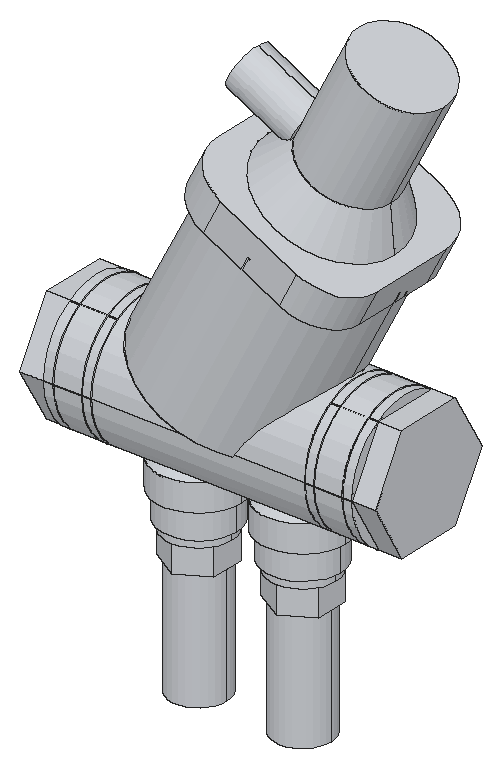
Revit family "PV_Compact_DN015_ 20-60_FF_měř_RFA_2019", category Pipe Accessories, Revit 2019
Family settings
  Round Connector Dimension = Use Diameter
  Part Type = Valve - Breaks Into
  Work Plane-Based = No
  Always vertical = Yes
  Cut with Voids When Loaded = No
  Shared = No
Parameters (values of type "PV Compact DN15 FF s měřením ( 20-60kPa)")
  magiProductId = "92c6061b2d364c498536f200ceae3f"
  magiProductFamilyId = "17221e4467384e4990f0bd3f9c07cb"
  magiPartTypeId = 304
  isMeasuringValve [instance] = no
  ang2D [instance] = 0.00°
  Z7 = 15 mm
  Z6 = 24.6 mm
  Z5 = 57.4 mm
  Z4 = 49.2 mm
  Z3 = 8.2 mm
  Z2 = 41 mm
  XR3 = 30 mm
  XR2 = 25 mm
  XR1 = 13 mm
  W2D = 15 mm
  VersionID = "2.0/2018.12.13.2/FRESE_PV_COMPACT_PLUG_Q13_001"
  Use Minimum Symbol Size [instance] = no
  URL = "www.hydronic.cz"
  Type Comments = "závitový s vnitřním závitem; dvěma měřicími vsuvkami; PN25; dpmax=450kPa; -10~+120°C;"
  R5 = 5 mm
  R4 = 15 mm
  R3 = 10 mm
  R2 = 14 mm
  R1 = 19 mm
  QmdConnectorList = "301;D;302;D"
  Productdata [instance] = ""
  PH__ve = -PH  # -22.4 mm
  PH = 22.4 mm
  NL__ve = -NL  # -15 mm
  NL = 15 mm
  Manufacturer = "Hydronic Systems Prague s.r.o."
  MC Use Limits From Balancing Method = no
  MC Throttling Minimum Value = 0
  MC Throttling Maximum Value = 0
  MC Product Code = "53-3205 DN15; FF; nastavitelný rozsah dp=20~60kPa; Q=100~1000l/h;  kvs=2,9"
  MC Pressure Drop Minimum Value = 0.0 Pa
  MC Pressure Drop Maximum Value = 0.0 Pa
  MC Piping Given Pressure Drop [instance] = 0.0 Pa
  M5 = 32.5 mm
  M4 = 30.5 mm
  M3 = 24.5 mm
  M2 = 22.5 mm
  LP = 37.5 mm
  LM = 45 mm
  LL__ve = -LL  # -5.7 mm
  LLT__ve = -LLT  # -14.9 mm
  LLT = 14.9 mm
  LL2 = 32 mm
  LL = 5.7 mm
  L3 = 11 mm
  L2D_Min = 30.48 mm
  L2D = 65 mm
  Description = "Nastavitelný regulátor tlakové diference"
  DR1 = no
  DR0 = yes
  DL2 = 66 mm
  D = 15 mm
  CenSd_R2_6 = R2 * cos(30.00°)  # 12.124 mm
  CAT0 = yes
  C0D1 = no
  C0D0 = yes
Types (10, lengths in mm): name | magiProductId | Z6 | Z5 | Z4 | Z3 | Z2 | XR3 | XR2 | XR1 | R2 | R1 | PH__ve | PH | NL__ve | NL | MC Product Code | M5 | M4 | M3 | M2 | LP | LM | LL__ve | LLT__ve | LLT | LL2 | LL | L3 | D | CenSd_R2_6
  PV Compact DN15 FF s měřením ( 20-60kPa) | "92c6061b2d364c498536f200ceae3f" | 24.6 | 57.4 | 49.2 | 8.2 | 41 | 30 | 25 | 13 | 14 | 19 | -22.4 | 22.4 | -15 | 15 | "53-3205 DN15; FF; nastavitelný rozsah dp=20~60kPa; Q=100~1000l/h;  kvs=2,9" | 32.5 | 30.5 | 24.5 | 22.5 | 37.5 | 45 | -5.7 | -14.9 | 14.9 | 32 | 5.7 | 11 | 15 | 12.124
  PV Compact DN15 FF s měřením (  5-30kPa) | "f361d342a5c3496a8b127ae77303d4" | 24.6 | 57.4 | 49.2 | 8.2 | 41 | 30 | 25 | 13 | 14 | 19 | -22.4 | 22.4 | -15 | 15 | "53-3204 DN15; FF; nastavitelný rozsah dp=5~30kPa; Q=50~600l/h;  kvs=2,9" | 32.5 | 30.5 | 24.5 | 22.5 | 37.5 | 45 | -5.7 | -14.9 | 14.9 | 32 | 5.7 | 11 | 15 | 12.124
  PV Compact DN20 FF s měřením ( 20-60kPa) | "9f7cac6a20a942348ba3edadb25c10" | 24.6 | 57.4 | 49.2 | 8.2 | 41 | 30 | 25 | 13 | 14 | 19 | -22.4 | 22.4 | -15.8 | 15.8 | "53-3207 DN20; FF; nastavitelný rozsah dp=20~60kPa; Q=150~2000l/h;  kvs=3,5" | 33.7 | 31.7 | 25.7 | 23.7 | 39.5 | 47.4 | -5.7 | -14.9 | 14.9 | 32 | 5.7 | 11 | 20 | 12.124
  PV Compact DN20 FF s měřením (  5-30kPa) | "db23a1b537c14a0d8d3ef5b88ba9f3" | 24.6 | 57.4 | 49.2 | 8.2 | 41 | 30 | 25 | 13 | 14 | 19 | -22.4 | 22.4 | -15.8 | 15.8 | "53-3206 DN20; FF; nastavitelný rozsah dp=5~30kPa; Q=100~1000l/h;  kvs=3,5" | 33.7 | 31.7 | 25.7 | 23.7 | 39.5 | 47.4 | -5.7 | -14.9 | 14.9 | 32 | 5.7 | 11 | 20 | 12.124
  PV Compact DN25 FF s měřením (  5-30kPa) | "df9f1d59aa4a4bbbaec25e168ba07d" | 25.5 | 59.5 | 51 | 8.5 | 42.5 | 30 | 25 | 13 | 14 | 19 | -20.8 | 20.8 | -16.6 | 16.6 | "53-3208 DN25; FF; nastavitelný rozsah dp=5~30kPa; Q=600~2100l/h;  kvs=4,0" | 34.9 | 32.9 | 26.9 | 24.9 | 41.5 | 49.8 | -5.9 | -16.3 | 16.3 | 34 | 5.9 | 11 | 25 | 12.124
  PV Compact DN25L FF s měřením ( 20-80kPa) | "87b7cca8bace4074a54840dfb5d8dc" | 40.2 | 93.8 | 80.4 | 13.4 | 67 | 42.5 | 37.5 | 25.5 | 26.5 | 31.5 | -17.6 | 17.6 | -20 | 20 | "53-3211 DN25L; FF; nastavitelný rozsah dp=20~80kPa; Q=750~4200l/h;  kvs=8,7" | 40 | 38 | 32 | 30 | 50 | 60 | -6.3 | -19.1 | 19.1 | 38 | 6.3 | 11 | 25 | 22.95
  PV Compact DN25L FF s měřením (  5-30kPa) | "5f34f6c18cbb44599cc4b76a533b7b" | 40.2 | 93.8 | 80.4 | 13.4 | 67 | 42.5 | 37.5 | 25.5 | 26.5 | 31.5 | -17.6 | 17.6 | -20 | 20 | "53-3210 DN25L; FF; nastavitelný rozsah dp=5~30kPa; Q=600~2500l/h;  kvs=8,7" | 40 | 38 | 32 | 30 | 50 | 60 | -6.3 | -19.1 | 19.1 | 38 | 6.3 | 11 | 25 | 22.95
  PV Compact DN32 FF s měřením ( 20-80kPa) | "4a8a1c2c3ced401aa76adec660b182" | 40.2 | 93.8 | 80.4 | 13.4 | 67 | 42.5 | 37.5 | 25.5 | 26.5 | 31.5 | -13.6 | 13.6 | -20.8 | 20.8 | "53-3214 DN32; FF; nastavitelný rozsah dp=20~80kPa; Q=1000~5000l/h;  kvs=10,1" | 41.2 | 39.2 | 33.2 | 31.2 | 52 | 62.4 | -6.8 | -22.6 | 22.6 | 43 | 6.8 | 25 | 32 | 22.95
  PV Compact DN40 FF s měřením ( 20-80kPa) | "8dd334465d8f48dd802c3dab6bec5b" | 46.8 | 109.2 | 93.6 | 15.6 | 78 | 42.5 | 37.5 | 25.5 | 26.5 | 31.5 | -11.2 | 11.2 | -27.6 | 27.6 | "53-3216 DN40; FF; nastavitelný rozsah dp=20~80kPa; Q=3000~8000l/h;  kvs=15,8" | 51.4 | 49.4 | 43.4 | 41.4 | 69 | 82.8 | -7.1 | -24.7 | 24.7 | 46 | 7.1 | 25 | 40 | 22.95
  PV Compact DN50 FF s měřením ( 20-80kPa) | "de24153ded7e41748f92358b184bd6" | 46.8 | 109.2 | 93.6 | 15.6 | 78 | 42.5 | 37.5 | 25.5 | 35.25 | 31.5 | -6.4 | 6.4 | -27.6 | 27.6 | "53-3218 DN50; FF; nastavitelný rozsah dp=20~80kPa; Q=5000~11500l/h;  kvs=16,2" | 51.4 | 49.4 | 43.4 | 41.4 | 69 | 82.8 | -7.7 | -28.9 | 28.9 | 52 | 7.7 | 25 | 50 | 30.527
Reference planes
  plane 1 "Center (Front/Back)": y = 0
  plane 2 "XYPLANE": z = 0
  plane 3 "Center (Left/Right)": x = 0
  plane 4 "408": x = 37.5
  plane 5 "407": x = -37.5
  plane 6 "402": z = -66
  plane 7 "213": x = 11
  plane 8 "168": z = -10.9
  plane 9 "167": z = -12.9
  plane 10 "166": z = -18.6
  plane 11 "165": z = -24.3
  plane 12 "164": z = -26.3
  plane 13 "154": z = 0
  plane 14 "152": y = 0
  plane 15 "151": z = -32
  plane 16 "150": x = -11
  plane 17 "75": through (318.218, 0, 679.605) normal (0.891, 0, -0.454)
  plane 18 "74": x = 32.5
  plane 19 "73": x = 30.5
  plane 20 "72": x = 24.5
  plane 21 "71": x = 22.5
  plane 22 "70": x = -32.5
  plane 23 "69": x = -30.5
  plane 24 "68": x = -24.5
  plane 25 "67": y = 0
  plane 26 "66": through (-666.893, 0, 343.166) normal (0.454, 0, 0.891)
  plane 27 "65": x = -22.5
  plane 28 "64": through (335.147, 0, 670.979) normal (0.891, 0, -0.454)
  plane 29 "63": through (-649.641, 0, 377.024) normal (0.454, 0, 0.891)
  plane 30 "62": through (352.076, 0, 662.353) normal (0.891, 0, -0.454)
  plane 31 "61": y = 19
  plane 32 "60": y = -19
  plane 33 "59": through (-645.919, 0, 384.33) normal (0.454, 0, 0.891)
  plane 34 "58": through (-642.196, 0, 391.637) normal (0.454, 0, 0.891)
  plane 35 "57": through (313.763, 0, 681.875) normal (0.891, 0, -0.454)
  plane 36 "56": x = 0
  plane 37 "55": through (-668.255, 0, 340.493) normal (0.454, 0, 0.891)
  plane 38 "102XY": through (-668.255, 0, 340.493) normal (0.454, 0, 0.891)
  plane 39 "102XZ": y = 0
  plane 40 "102YZ": through (340.493, 0, 668.255) normal (0.891, 0, -0.454)
Forms (mm)
  Extrusion 1, solid
    sketch origin (37.5, -750, 0) x (0, 1, 0) y (0, 0, 1)
      loop
        line (764, 0) -> (757, 12.124) -> (743, 12.124) -> (736, 0) -> (743, -12.124) -> (757, -12.124) -> (764, 0)
    from 0 to -15 <- "NL__ve"
  Extrusion 2, solid
    sketch origin (-37.5, -750, 0) x (0, 1, 0) y (0, 0, 1)
      loop
        line (736, 0) -> (743, -12.124) -> (757, -12.124) -> (764, 0) -> (757, 12.124) -> (743, 12.124) -> (736, 0)
    from 0 to 15 <- "NL"
  Extrusion 3, solid, visible <- "C0D1"
    sketch origin (-750, 0, -66) x (1, 0, 0) y (0, 1, 0)
      loop
        circle (761, 0) r 10
    from 0 to 50
  Extrusion 4, solid, visible <- "DR1"
    sketch origin (-750, 0, -18.6) x (1, 0, 0) y (0, 1, 0)
      loop
        line (761, -12) -> (771.392, -6) -> (771.392, 6) -> (761, 12) -> (750.608, 6) -> (750.608, -6) -> (761, -12)
    from 0 to -22.4 <- "PH__ve"
  Extrusion 5, solid, visible <- "DR1"
    sketch origin (-750, 0, -18.6) x (1, 0, 0) y (0, 1, 0)
      loop
        circle (761, 0) r 10
    from 0 to 5.7 <- "LL"
  Blend 6, solid, visible <- "DR1"
    base sketch origin (-750, 0, -10.9) x (1, 0, 0) y (0, 1, 0)
      loop
        circle (761, 0) r 7.5
    top sketch origin (-750, 0, -10.9) x (1, 0, 0) y (0, 1, 0)
      loop
        circle (761, 0) r 10
    from 0 to -2
  Extrusion 7, solid, visible <- "DR1"
    sketch origin (-750, 0, 0) x (1, 0, 0) y (0, 1, 0)
      loop
        circle (761, 0) r 7.5
    from 0 to -14.9 <- "LLT__ve"
  Extrusion 8, solid, visible <- "C0D0"
    sketch origin (-750, 0, -32) x (1, 0, 0) y (0, 1, 0)
      loop
        circle (761, 0) r 6
    from 0 to -25
  Extrusion 9, solid, visible <- "DR0"
    sketch origin (-750, 0, -26.3) x (1, 0, 0) y (0, 1, 0)
      loop
        line (761, -7) -> (767.062, -3.5) -> (767.062, 3.5) -> (761, 7) -> (754.938, 3.5) -> (754.938, -3.5) -> (761, -7)
    from 0 to -5.7 <- "LL__ve"
  Extrusion 10, solid, visible <- "DR0"
    sketch origin (-750, 0, -26.3) x (1, 0, 0) y (0, 1, 0)
      loop
        circle (761, 0) r 7
    from 0 to 2
  Extrusion 11, solid, visible <- "DR0"
    sketch origin (-750, 0, -18.6) x (1, 0, 0) y (0, 1, 0)
      loop
        circle (761, 0) r 9
    from 0 to 5.7 <- "LL"
  Blend 12, solid, visible <- "DR0"
    base sketch origin (-750, 0, -10.9) x (1, 0, 0) y (0, 1, 0)
      loop
        circle (761, 0) r 6.5
    top sketch origin (-750, 0, -10.9) x (1, 0, 0) y (0, 1, 0)
      loop
        circle (761, 0) r 9
    from 0 to -2
  Extrusion 13, solid, visible <- "DR0"
    sketch origin (-750, 0, 0) x (1, 0, 0) y (0, 1, 0)
      loop
        circle (761, 0) r 6.5
    from 0 to -14.9 <- "LLT__ve"
  Extrusion 14, solid, visible <- "DR0"
    sketch origin (-750, 0, 0) x (1, 0, 0) y (0, 1, 0)
      loop
        circle (761, 0) r 6.5
    from 0 to -14.9 <- "LLT__ve"
  Blend 15, solid, visible <- "DR0"
    base sketch origin (-750, 0, -10.9) x (1, 0, 0) y (0, 1, 0)
      loop
        circle (761, 0) r 6.5
    top sketch origin (-750, 0, -10.9) x (1, 0, 0) y (0, 1, 0)
      loop
        circle (761, 0) r 9
    from 0 to -2
  Extrusion 16, solid, visible <- "DR0"
    sketch origin (-750, 0, -18.6) x (1, 0, 0) y (0, 1, 0)
      loop
        circle (761, 0) r 9
    from 0 to 5.7 <- "LL"
  Extrusion 17, solid, visible <- "DR0"
    sketch origin (-750, 0, -24.3) x (1, 0, 0) y (0, 1, 0)
      loop
        circle (761, 0) r 8
    from 0 to 5.7 <- "LL"
  Extrusion 18, solid, visible <- "DR0"
    sketch origin (-750, 0, -26.3) x (1, 0, 0) y (0, 1, 0)
      loop
        circle (761, 0) r 7
    from 0 to 2
  Extrusion 19, solid, visible <- "DR0"
    sketch origin (-750, 0, -26.3) x (1, 0, 0) y (0, 1, 0)
      loop
        line (761, -7) -> (767.062, -3.5) -> (767.062, 3.5) -> (761, 7) -> (754.938, 3.5) -> (754.938, -3.5) -> (761, -7)
    from 0 to -5.7 <- "LL__ve"
  Extrusion 20, solid, visible <- "C0D0"
    sketch origin (-750, 0, -32) x (1, 0, 0) y (0, 1, 0)
      loop
        circle (761, 0) r 6
    from 0 to -25
  Extrusion 21, solid, visible <- "CAT0"
    sketch origin (-750, 0, -32) x (1, 0, 0) y (0, 1, 0)
      loop
        circle (739, 0) r 6
    from 0 to -25
  Extrusion 22, solid
    sketch origin (-750, 0, -26.3) x (1, 0, 0) y (0, 1, 0)
      loop
        line (739, -7) -> (745.062, -3.5) -> (745.062, 3.5) -> (739, 7) -> (732.938, 3.5) -> (732.938, -3.5) -> (739, -7)
    from 0 to -5.7 <- "LL__ve"
  Extrusion 23, solid
    sketch origin (-750, 0, -26.3) x (1, 0, 0) y (0, 1, 0)
      loop
        circle (739, 0) r 7
    from 0 to 2
  Extrusion 24, solid
    sketch origin (-750, 0, -24.3) x (1, 0, 0) y (0, 1, 0)
      loop
        circle (739, 0) r 8
    from 0 to 5.7 <- "LL"
  Extrusion 25, solid
    sketch origin (-750, 0, -18.6) x (1, 0, 0) y (0, 1, 0)
      loop
        circle (739, 0) r 9
    from 0 to 5.7 <- "LL"
  Blend 26, solid
    base sketch origin (-750, 0, -10.9) x (1, 0, 0) y (0, 1, 0)
      loop
        circle (739, 0) r 6.5
    top sketch origin (-750, 0, -10.9) x (1, 0, 0) y (0, 1, 0)
      loop
        circle (739, 0) r 9
    from 0 to -2
  Extrusion 27, solid
    sketch origin (-750, 0, 0) x (1, 0, 0) y (0, 1, 0)
      loop
        circle (739, 0) r 6.5
    from 0 to -14.9 <- "LLT__ve"
  Blend 28, solid, visible <- "CAT0"
    base sketch origin (30.5, -750, 0) x (0, 1, 0) y (0, 0, 1)
      loop
        circle (750, 0) r 14
    top sketch origin (30.5, -750, 0) x (0, 1, 0) y (0, 0, 1)
      loop
        circle (750, 0) r 14
    from 0 to 2
  Extrusion 29, solid, visible <- "CAT0"
    sketch origin (24.5, -750, 0) x (0, 1, 0) y (0, 0, 1)
      loop
        circle (750, 0) r 14
    from 0 to 6
  Blend 30, solid, visible <- "CAT0"
    base sketch origin (22.5, -750, 0) x (0, 1, 0) y (0, 0, 1)
      loop
        circle (750, 0) r 14
    top sketch origin (22.5, -750, 0) x (0, 1, 0) y (0, 0, 1)
      loop
        circle (750, 0) r 14
    from 0 to 2
  Blend 31, solid, visible <- "CAT0"
    base sketch origin (-30.5, -750, 0) x (0, 1, 0) y (0, 0, 1)
      loop
        circle (750, 0) r 14
    top sketch origin (-30.5, -750, 0) x (0, 1, 0) y (0, 0, 1)
      loop
        circle (750, 0) r 14
    from 0 to -2
  Extrusion 32, solid, visible <- "CAT0"
    sketch origin (-30.5, -750, 0) x (0, 1, 0) y (0, 0, 1)
      loop
        circle (750, 0) r 14
    from 0 to 6
  Blend 33, solid, visible <- "CAT0"
    base sketch origin (-24.5, -750, 0) x (0, 1, 0) y (0, 0, 1)
      loop
        circle (750, 0) r 14
    top sketch origin (-24.5, -750, 0) x (0, 1, 0) y (0, 0, 1)
      loop
        circle (750, 0) r 14
    from 0 to 2
  Extrusion 34, solid, visible <- "CAT0"
    sketch origin (-22.5, -750, 0) x (0, 1, 0) y (0, 0, 1)
      loop
        circle (750, 0) r 14
    from 0 to 45 <- "LM"
  Extrusion 35, solid, visible <- "CAT0"
    sketch origin (-666.893, 0, 343.166) x (0.891007, 0, -0.45399) y (0, 1, 0)
      loop
        circle (744, 0) r 19
    from 0 to 41 <- "Z2"
  Extrusion 36, solid, visible <- "CAT0"
    sketch origin (-649.641, 0, 377.024) x (0.891007, 0, -0.45399) y (0, 1, 0)
      loop
        arc (735, 19) -> (727.929, 16.071) -> (725, 9) r 10
        line (725, 9) -> (725, -9)
        arc (725, -9) -> (727.929, -16.071) -> (735, -19) r 10
        line (735, -19) -> (753, -19)
        arc (753, -19) -> (760.071, -16.071) -> (763, -9) r 10
        line (763, -9) -> (763, 9)
        arc (763, 9) -> (760.071, 16.071) -> (753, 19) r 10
        line (753, 19) -> (735, 19)
    from 0 to 8.2 <- "Z3"
  Blend 37, solid, visible <- "CAT0"
    base sketch origin (-645.919, 0, 384.33) x (0.891007, 0, -0.45399) y (0, 1, 0)
      loop
        circle (744, 0) r 15
    top sketch origin (-645.919, 0, 384.33) x (0.891007, 0, -0.45399) y (0, 1, 0)
      loop
        circle (744, 0) r 10
    from 0 to 8.2
  Extrusion 38, solid, visible <- "CAT0"
    sketch origin (-642.196, 0, 391.637) x (0.891007, 0, -0.45399) y (0, 1, 0)
      loop
        circle (744, 0) r 10
    from 0 to 24.6 <- "Z6"
  Extrusion 39, solid, visible <- "CAT0"
    sketch origin (313.763, 0, 681.875) x (-0.45399, 0, -0.891007) y (0, 1, 0)
      loop
        circle (692.6, 0) r 5
    from 0 to 15 <- "Z7"
  Blend 40, solid, visible <- "CAT0"
    base sketch origin (-668.255, 0, 340.493) x (0.891007, 0, -0.45399) y (0, 1, 0)
      loop
        circle (744, 0) r 15
    top sketch origin (-668.255, 0, 340.493) x (0.891007, 0, -0.45399) y (0, 1, 0)
      loop
        circle (744, 0) r 19
    from 0 to 3
  Extrusion 41, solid, not visible
    sketch origin (-32.5, -750, 0) x (0, 1, 0) y (0, 0, 1)
      loop
        circle (750, 0) r 10
    from 0 to 10
  Extrusion 42, solid, not visible
    sketch origin (32.5, -750, 0) x (0, 1, 0) y (0, 0, 1)
      loop
        circle (750, 0) r 10
    from 0 to -10
Lines and regions (mm)
  reference lines, not visible
    curve 1: circle (2, 2, 0) r 1 normal (0, 0, 1)
  reference lines
    curve 2: line (37.5, 0, 0) -> (37.5, -3.5, 6.062)
    curve 3: line (37.5, 0, 0) -> (37.5, -7, 0)
    curve 4: line (37.5, 0, 0) -> (37.5, -3.5, -6.062)
    curve 5: line (-37.5, 0, 0) -> (-37.5, 3.5, 6.062)
    curve 6: line (-37.5, 0, 0) -> (-37.5, 7, 0)
    curve 7: line (-37.5, 0, 0) -> (-37.5, 3.5, -6.062)
Dimensions and locks
  plane 1 "Center (Front/Back)" to curve 1 = 2 mm
  "LP": plane 36 "56" to plane 4 "408"
  "LP": plane 36 "56" to plane 5 "407"
  "DL2": plane 2 "XYPLANE" to plane 6 "402"
  "L3": plane 3 "Center (Left/Right)" to plane 7 "213"
  locked: plane 9 "167" to plane 8 "168" at 2
  "LL": plane 10 "166" to plane 9 "167"
  "LL": plane 11 "165" to plane 10 "166"
  locked: plane 12 "164" to plane 11 "165" at 2
  "LL": plane 15 "151" to plane 12 "164"
  locked: plane 2 "XYPLANE" to plane 13 "154"
  locked: plane 1 "Center (Front/Back)" to plane 14 "152"
  "LL2": plane 2 "XYPLANE" to plane 15 "151"
  "L3": plane 3 "Center (Left/Right)" to plane 16 "150"
  "XR2": plane 40 "102YZ" to plane 17 "75"
  "M5": plane 3 "Center (Left/Right)" to plane 18 "74"
  "M4": plane 3 "Center (Left/Right)" to plane 19 "73"
  "M3": plane 3 "Center (Left/Right)" to plane 20 "72"
  "M2": plane 3 "Center (Left/Right)" to plane 21 "71"
  "M5": plane 3 "Center (Left/Right)" to plane 22 "70"
  "M4": plane 3 "Center (Left/Right)" to plane 23 "69"
  "M3": plane 3 "Center (Left/Right)" to plane 24 "68"
  locked: plane 14 "152" to plane 25 "67"
  locked: plane 38 "102XY" to plane 26 "66" at 3
  "M2": plane 3 "Center (Left/Right)" to plane 27 "65"
  locked: plane 40 "102YZ" to plane 28 "64" at 6
  "Z2": plane 38 "102XY" to plane 29 "63"
  "XR1": plane 40 "102YZ" to plane 30 "62"
  "R1": plane 14 "152" to plane 31 "61"
  "R1": plane 14 "152" to plane 32 "60"
  "Z4": plane 38 "102XY" to plane 33 "59"
  "Z5": plane 38 "102XY" to plane 34 "58"
  "XR3": plane 40 "102YZ" to plane 35 "57"
  locked: plane 3 "Center (Left/Right)" to plane 36 "56"
  locked: plane 38 "102XY" to plane 37 "55"
  "CenSd_R2_6": curve 2 to Extrusion 1 sketch curve  (x2)
  "CenSd_R2_6": curve 3 to Extrusion 1 sketch curve  (x2)
  "CenSd_R2_6": curve 4 to Extrusion 1 sketch curve  (x2)
  Extrusion 1 sketch curve to Extrusion 1 sketch curve = 0 mm  (x12)
  "CenSd_R2_6": curve 5 to Extrusion 2 sketch curve  (x2)
  "CenSd_R2_6": curve 6 to Extrusion 2 sketch curve  (x2)
  "CenSd_R2_6": curve 7 to Extrusion 2 sketch curve  (x2)
  Extrusion 2 sketch curve to Extrusion 2 sketch curve = 0 mm  (x12)
  Extrusion 4 sketch curve to Extrusion 4 sketch curve = 0 mm  (x12)
  Extrusion 9 sketch curve to Extrusion 9 sketch curve = 0 mm  (x12)
  Extrusion 19 sketch curve to Extrusion 19 sketch curve = 0 mm  (x12)
  Extrusion 22 sketch curve to Extrusion 22 sketch curve = 0 mm  (x12)
  Extrusion 36 sketch curve to Extrusion 36 sketch curve = 0 mm  (x16)
  "R2": radius of Blend 28 sketch curve  (x2)
  "R2": radius of Extrusion 29 sketch curve
  "R2": radius of Blend 30 sketch curve  (x2)
  "R2": radius of Blend 31 sketch curve  (x2)
  "R2": radius of Extrusion 32 sketch curve
  "R2": radius of Blend 33 sketch curve  (x2)
  "R2": radius of Extrusion 34 sketch curve
  "R1": radius of Extrusion 35 sketch curve
  radius of Extrusion 36 sketch curve = 10 mm  (x4)
  "R3": radius of Blend 37 sketch curve
  "R4": radius of Blend 37 sketch curve
  "R3": radius of Extrusion 38 sketch curve
  "R5": radius of Extrusion 39 sketch curve
  "R1": radius of Blend 40 sketch curve
  locked: curve 3 to curve 2 (angle 60.00°)
  locked: curve 4 to curve 3 (angle 60.00°)
  locked: curve 4 to curve 2 (angle 120.00°)
  locked: curve 6 to curve 5 (angle 60.00°)
  locked: curve 7 to curve 6 (angle 60.00°)
  locked: curve 7 to curve 5 (angle 120.00°)
  aligned and locked: level to plane 2 "XYPLANE"
  aligned and locked: plane 13 "154" to curve 4
  aligned and locked: curve 4 to plane 14 "152"
  aligned and locked: plane 13 "154" to curve 7
  aligned and locked: curve 7 to plane 14 "152"
  aligned and locked: plane 7 "213" to Extrusion 3 sketch curve
  aligned and locked: plane 14 "152" to Extrusion 3 sketch curve
  aligned and locked: plane 7 "213" to Extrusion 5 sketch curve
  aligned and locked: plane 14 "152" to Extrusion 5 sketch curve
  aligned and locked: plane 7 "213" to Blend 6 sketch curve  (x2)
  aligned and locked: plane 14 "152" to Blend 6 sketch curve  (x2)
  aligned and locked: Blend 6 to plane 9 "167"
  aligned and locked: plane 7 "213" to Extrusion 7 sketch curve
  aligned and locked: plane 14 "152" to Extrusion 7 sketch curve
  aligned and locked: plane 7 "213" to Extrusion 8 sketch curve
  aligned and locked: plane 14 "152" to Extrusion 8 sketch curve
  aligned and locked: plane 7 "213" to Extrusion 10 sketch curve
  aligned and locked: plane 14 "152" to Extrusion 10 sketch curve
  aligned and locked: plane 7 "213" to Extrusion 11 sketch curve
  aligned and locked: plane 14 "152" to Extrusion 11 sketch curve
  aligned and locked: plane 7 "213" to Blend 12 sketch curve  (x2)
  aligned and locked: plane 14 "152" to Blend 12 sketch curve  (x2)
  aligned and locked: Blend 12 to plane 9 "167"
  aligned and locked: plane 7 "213" to Extrusion 13 sketch curve
  aligned and locked: plane 14 "152" to Extrusion 13 sketch curve
  aligned and locked: plane 7 "213" to Extrusion 14 sketch curve
  aligned and locked: plane 14 "152" to Extrusion 14 sketch curve
  aligned and locked: plane 7 "213" to Blend 15 sketch curve  (x2)
  aligned and locked: plane 14 "152" to Blend 15 sketch curve  (x2)
  aligned and locked: Blend 15 to plane 9 "167"
  aligned and locked: plane 7 "213" to Extrusion 16 sketch curve
  aligned and locked: plane 14 "152" to Extrusion 16 sketch curve
  aligned and locked: plane 7 "213" to Extrusion 17 sketch curve
  aligned and locked: plane 14 "152" to Extrusion 17 sketch curve
  aligned and locked: plane 7 "213" to Extrusion 18 sketch curve
  aligned and locked: plane 14 "152" to Extrusion 18 sketch curve
  aligned and locked: plane 7 "213" to Extrusion 20 sketch curve
  aligned and locked: plane 14 "152" to Extrusion 20 sketch curve
  aligned and locked: plane 14 "152" to Extrusion 21 sketch curve
  aligned and locked: plane 16 "150" to Extrusion 21 sketch curve
  aligned and locked: plane 14 "152" to Extrusion 23 sketch curve
  aligned and locked: plane 16 "150" to Extrusion 23 sketch curve
  aligned and locked: plane 14 "152" to Extrusion 24 sketch curve
  aligned and locked: plane 16 "150" to Extrusion 24 sketch curve
  aligned and locked: plane 14 "152" to Extrusion 25 sketch curve
  aligned and locked: plane 16 "150" to Extrusion 25 sketch curve
  aligned and locked: plane 14 "152" to Blend 26 sketch curve  (x2)
  aligned and locked: plane 16 "150" to Blend 26 sketch curve  (x2)
  aligned and locked: Blend 26 to plane 9 "167"
  aligned and locked: plane 14 "152" to Extrusion 27 sketch curve
  aligned and locked: plane 16 "150" to Extrusion 27 sketch curve
  aligned and locked: plane 13 "154" to Blend 28 sketch curve  (x2)
  aligned and locked: Blend 28 sketch curve to plane 14 "152"  (x2)
  aligned and locked: plane 18 "74" to Blend 28
  aligned and locked: plane 13 "154" to Extrusion 29 sketch curve
  aligned and locked: Extrusion 29 sketch curve to plane 14 "152"
  aligned and locked: plane 13 "154" to Blend 30 sketch curve  (x2)
  aligned and locked: Blend 30 sketch curve to plane 14 "152"  (x2)
  aligned and locked: plane 20 "72" to Blend 30
  aligned and locked: plane 13 "154" to Blend 31 sketch curve  (x2)
  aligned and locked: Blend 31 sketch curve to plane 14 "152"  (x2)
  aligned and locked: Blend 31 to plane 22 "70"
  aligned and locked: plane 13 "154" to Extrusion 32 sketch curve
  aligned and locked: Extrusion 32 sketch curve to plane 14 "152"
  aligned and locked: plane 13 "154" to Blend 33 sketch curve  (x2)
  aligned and locked: Blend 33 sketch curve to plane 14 "152"  (x2)
  aligned and locked: plane 27 "65" to Blend 33
  aligned and locked: plane 13 "154" to Extrusion 34 sketch curve
  aligned and locked: Extrusion 34 sketch curve to plane 14 "152"
  aligned and locked: plane 25 "67" to Extrusion 35 sketch curve
  aligned and locked: Extrusion 35 sketch curve to plane 28 "64"
  aligned and locked: Extrusion 36 sketch curve to plane 17 "75"
  aligned and locked: Extrusion 36 sketch curve to plane 32 "60"
  aligned and locked: Extrusion 36 sketch curve to plane 30 "62"
  aligned and locked: plane 31 "61" to Extrusion 36 sketch curve
  aligned and locked: plane 25 "67" to Blend 37 sketch curve  (x2)
  aligned and locked: Blend 37 sketch curve to plane 28 "64"  (x2)
  aligned and locked: plane 34 "58" to Blend 37
  aligned and locked: plane 25 "67" to Extrusion 38 sketch curve
  aligned and locked: Extrusion 38 sketch curve to plane 28 "64"
  aligned and locked: plane 25 "67" to Extrusion 39 sketch curve
  aligned and locked: plane 34 "58" to Extrusion 39 sketch curve
  aligned and locked: plane 25 "67" to Blend 40 sketch curve  (x2)
  aligned and locked: Blend 40 sketch curve to plane 28 "64"  (x2)
  aligned and locked: plane 26 "66" to Blend 40
  aligned and locked: plane 13 "154" to Extrusion 41 sketch curve
  aligned and locked: Extrusion 41 sketch curve to plane 14 "152"
  aligned and locked: plane 13 "154" to Extrusion 42 sketch curve
  aligned and locked: Extrusion 42 sketch curve to plane 14 "152"
Automatic sketch dimensions
  plane 3 "Center (Left/Right)" to Extrusion 3 sketch curve = 1 mm
  Extrusion 4 sketch curve to plane 7 "213" = 0 mm  (x2)
  plane 3 "Center (Left/Right)" to Extrusion 4 sketch curve = 0.608 mm
  Extrusion 4 sketch curve to plane 21 "71" = 1.108 mm
  plane 32 "60" to Extrusion 4 sketch curve = 7 mm
  plane 1 "Center (Front/Back)" to Extrusion 4 sketch curve = 6 mm  (x2)
  Extrusion 4 sketch curve to plane 1 "Center (Front/Back)" = 6 mm  (x2)
  Extrusion 4 sketch curve to plane 31 "61" = 7 mm
  plane 3 "Center (Left/Right)" to Extrusion 5 sketch curve = 1 mm
  plane 3 "Center (Left/Right)" to Blend 6 sketch curve = 3.5 mm
  plane 3 "Center (Left/Right)" to Blend 6 sketch curve = 1 mm
  plane 3 "Center (Left/Right)" to Extrusion 7 sketch curve = 3.5 mm
  plane 3 "Center (Left/Right)" to Extrusion 8 sketch curve = 5 mm
  Extrusion 9 sketch curve to plane 7 "213" = 0 mm  (x2)
  plane 3 "Center (Left/Right)" to Extrusion 9 sketch curve = 4.938 mm
  Extrusion 9 sketch curve to plane 21 "71" = 5.438 mm
  plane 1 "Center (Front/Back)" to Extrusion 9 sketch curve = 7 mm
  plane 1 "Center (Front/Back)" to Extrusion 9 sketch curve = 3.5 mm  (x2)
  Extrusion 9 sketch curve to plane 1 "Center (Front/Back)" = 3.5 mm  (x2)
  Extrusion 9 sketch curve to Extrusion 9 sketch curve = 3.5 mm
  plane 3 "Center (Left/Right)" to Extrusion 10 sketch curve = 4 mm
  plane 3 "Center (Left/Right)" to Extrusion 11 sketch curve = 2 mm
  plane 3 "Center (Left/Right)" to Blend 12 sketch curve = 4.5 mm
  plane 3 "Center (Left/Right)" to Blend 12 sketch curve = 2 mm
  plane 3 "Center (Left/Right)" to Extrusion 13 sketch curve = 4.5 mm
  plane 3 "Center (Left/Right)" to Extrusion 14 sketch curve = 4.5 mm
  plane 3 "Center (Left/Right)" to Blend 15 sketch curve = 4.5 mm
  plane 3 "Center (Left/Right)" to Blend 15 sketch curve = 2 mm
  plane 3 "Center (Left/Right)" to Extrusion 16 sketch curve = 2 mm
  plane 3 "Center (Left/Right)" to Extrusion 17 sketch curve = 3 mm
  plane 3 "Center (Left/Right)" to Extrusion 18 sketch curve = 4 mm
  Extrusion 19 sketch curve to plane 7 "213" = 0 mm  (x2)
  plane 3 "Center (Left/Right)" to Extrusion 19 sketch curve = 4.938 mm
  Extrusion 19 sketch curve to plane 21 "71" = 5.438 mm
  plane 1 "Center (Front/Back)" to Extrusion 19 sketch curve = 7 mm
  plane 1 "Center (Front/Back)" to Extrusion 19 sketch curve = 3.5 mm  (x2)
  Extrusion 19 sketch curve to plane 1 "Center (Front/Back)" = 3.5 mm  (x2)
  Extrusion 19 sketch curve to Extrusion 19 sketch curve = 3.5 mm
  plane 3 "Center (Left/Right)" to Extrusion 20 sketch curve = 5 mm
  plane 27 "65" to Extrusion 21 sketch curve = 5.5 mm
  Extrusion 22 sketch curve to plane 16 "150" = 0 mm  (x2)
  plane 27 "65" to Extrusion 22 sketch curve = 5.438 mm
  Extrusion 22 sketch curve to plane 3 "Center (Left/Right)" = 4.938 mm
  plane 1 "Center (Front/Back)" to Extrusion 22 sketch curve = 7 mm
  plane 1 "Center (Front/Back)" to Extrusion 22 sketch curve = 3.5 mm  (x2)
  Extrusion 22 sketch curve to plane 1 "Center (Front/Back)" = 3.5 mm  (x2)
  Extrusion 22 sketch curve to Extrusion 22 sketch curve = 3.5 mm
  plane 27 "65" to Extrusion 23 sketch curve = 4.5 mm
  plane 27 "65" to Extrusion 24 sketch curve = 3.5 mm
  plane 27 "65" to Extrusion 25 sketch curve = 2.5 mm
  plane 27 "65" to Blend 26 sketch curve = 5 mm
  plane 27 "65" to Blend 26 sketch curve = 2.5 mm
  plane 27 "65" to Extrusion 27 sketch curve = 5 mm
  plane 17 "75" to Blend 40 sketch curve = 4 mm
  plane 32 "60" to Extrusion 41 sketch curve = 9 mm
  plane 32 "60" to Extrusion 42 sketch curve = 9 mm
  plane 3 "Center (Left/Right)" to curve 1 = 2 mm
  radius of curve 1 = 1 mm
Connectors
  piping at (-32.5, 0, 0), diameter 15, driven by "D"
    settings: on Extrusion 41, index 1, connector inside diameter 609.6 mm, connector length 0 mm, flow factor 0, pipe flow 0.0 L/s, pressure drop 0.0 Pa, fitting loss kfactor 0, connector angle 0.00°, fixture units 0, engagement length 0 mm, angle of deflection 0.00°, flow configuration 0, flow direction 0, fitting loss method 0, system type 29, joint type 0, gender type 0, connector reference index 2, connector utility 0, adjustable connector no, is connector primary yes, connector description ""
  piping at (32.5, 0, 0), diameter 15, driven by "D"
    settings: on Extrusion 42, index 2, connector inside diameter 609.6 mm, connector length 0 mm, flow factor 0, pipe flow 0.0 L/s, pressure drop 0.0 Pa, fitting loss kfactor 0, connector angle 0.00°, fixture units 0, engagement length 0 mm, angle of deflection 0.00°, flow configuration 0, flow direction 0, fitting loss method 0, system type 29, joint type 0, gender type 0, connector reference index 1, connector utility 0, adjustable connector no, is connector primary no, connector description ""
